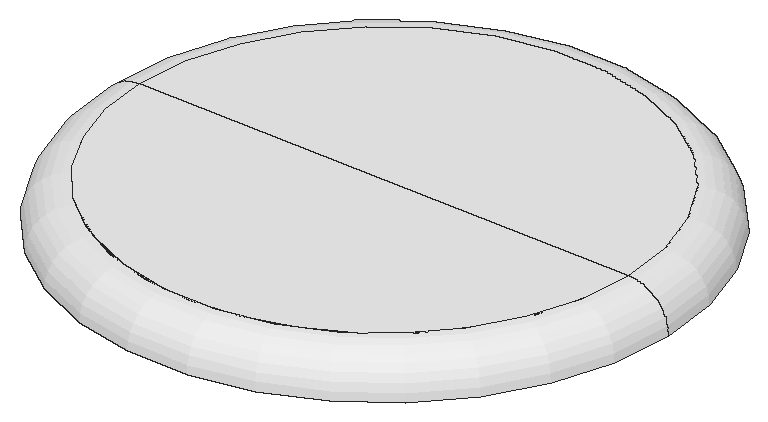
Revit family "PRD_FrankeWS_Rosette_AQRM940", category Generic Models, host Face, Revit 2018
Family settings
  Host = Face
  Can host rebar = No
  Round Connector Dimension = Use Diameter
  Part Type = Normal
  Cut with Voids When Loaded = No
  Shared = No
  Room Calculation Point = No
Parameters (values of type "AQRM940")
  WarrantyStartDate [instance] = "1900-12-31T23:59:59"
  WarrantyGuarantorParts = "n/a"
  WarrantyGuarantorLabor = "n/a"
  WarrantyDurationUnit = "year"
  WarrantyDurationParts = "n/a"
  WarrantyDurationLabor = "n/a"
  WarrantyDescription = "n/a"
  Version = "1"
  Uniclass2015Version = "n/a"
  Uniclass2015Title = "n/a"
  Uniclass2015Code = "n/a"
  URL = "www.kwc.com"
  TagNumber [instance] = "n/a"
  SustainabilityPerformance = "n/a"
  Size = "n/a"
  Shape = "n/a"
  SerialNumber [instance] = "n/a"
  RosetteMaterial = PRD_AR_ChromatedBrass_HighPolished
  Revision = "n/a"
  ReplacementCost = "n/a"
  Reference = "n/a"
  ProductInformation = "https://pim.kwc.com/product/2000101429/attachment/datasheet?locale=en"
  NominalWidth = 0.00 mm
  NominalLength = 0.00 mm
  NominalHeight = 0.00 mm
  NetWeight = 0.038 kg
  Name = "Rosette for drinking bubbler AQRM940"
  NBSTypeID = "n/a"
  NBSReference = "n/a"
  NBSOfficeMasterTag = "n/a"
  NBSNote = "n/a"
  NBSDescription = "n/a"
  NBSCertification = "n/a"
  ModelReference = "AQRM940"
  ModelNumber = "2000101429"
  Model = ModelReference  # "AQRM940"
  Material = "n/a"
  ManufacturerURL = "www.kwc.com"
  ManufacturerName = "KWC Group AG"  # constant formula
  Manufacturer = ManufacturerName  # "KWC Group AG"
  InstallationDate [instance] = "1900-12-31T23:59:59"
  IfcExportType = "NOTDEFINED"
  IfcExportAs = "IfcBuildingElementProxy"
  GrossWeight = 0.041 kg
  Grade = "n/a"
  Finish = "n/a"
  Features = "n/a"
  ExpectedLife = "n/a"
  DurationUnit = "year"
  Description = "Chromium-plated rosette for drinking bubbler."
  Default Elevation = 0.00 mm
  Constituents = "n/a"
  Color = "n/a"
  CodePerformance = "n/a"
  Category = "n/a"
  BarCode [instance] = "n/a"
  BIMObjectName = "PRD_AR_Rosette_AQRM940"
  Author = "Archispace"  # constant formula
  AssetType = "Fixed"
  AssetIdentifier [instance] = "n/a"
  AccessibilityPerformance = "n/a"
Reference planes
  plane 1 "Center (Front/Back)": y = 0
  plane 2: z = 0
  plane 3 "Center (Left/Right)": x = 0
Forms (mm)
  Revolve 1, solid, material "PRD_AR_ChromatedBrass_HighPolished" <- "RosetteMaterial", detail levels fine
    sketch origin (0, 0, 0) x (1, 0, 0) y (0, 0, 1)
      loop
        line (0, 0) -> (0, 3.5) -> (-21.5, 3.5)
        arc (-21.5, 3.5) -> (-23.975, 2.475) -> (-25, 0) r 3.5
        line (-25, 0) -> (0, 0)
      axis (0, 3.5) -> (0, 0)
    angle from 0 to 360
  Extrusion 2, solid, material "PRD_AR_ChromatedBrass_HighPolished" <- "RosetteMaterial", detail levels coarse+medium
    sketch origin (0, 0, 0) x (1, 0, 0) y (0, 1, 0)
      loop
        circle (0, 0) r 25
    from 0 to 3.5
Dimensions and locks
  aligned and locked: plane 2 to host face
  aligned and locked: level to host face
